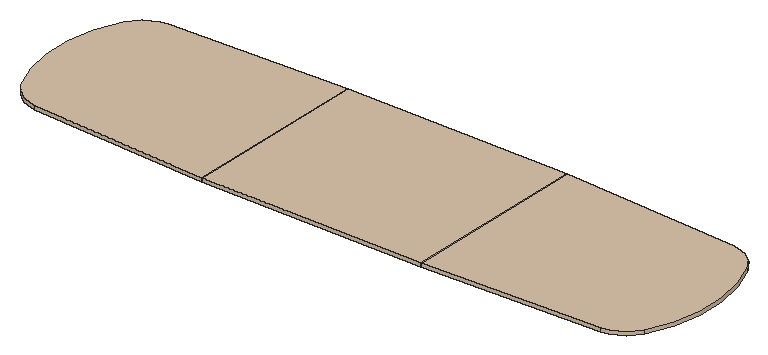
Revit family "Haworth_Planes_ColumnBaseConferenceTable_PebbleThreePiece_TopOnly", category Furniture Systems, Revit 2018 (continued)
Definition of nested family "Haworth_Planes_Worksurface_Pebble_3Piece_PART"
  Definition of nested family "Haworth_Planes_Worksurface_Pebble60_3Pieces_Part"
    Automatic sketch dimensions
      Masking region 11 sketch curve to Masking region 11 sketch curve = 84.68937"  (x2)
      plane 1 "Center F/B" to Masking region 11 sketch curve = 29.84"
      Masking region 11 sketch curve to Masking region 11 sketch curve = 14.45132"  (x2)
      Masking region 11 sketch curve to Masking region 11 sketch curve = 15.38868"  (x2)
      Masking region 11 sketch curve to Masking region 11 sketch curve = 30.77737"  (x2)
      Masking region 11 sketch curve to Masking region 11 sketch curve = 29.84"
      Masking region 11 sketch curve to Masking region 11 sketch curve = 798.24246"
      Masking region 11 sketch curve to Masking region 11 sketch curve = 1.07982"  (x4)
      Masking region 12 sketch curve to plane 3 "Center L/R" = 109.71227"
      Masking region 12 sketch curve to Masking region 12 sketch curve = 0"  (x7)
      Masking region 12 sketch curve to Masking region 12 sketch curve = 29.19227"  (x2)
      plane 1 "Center F/B" to Masking region 12 sketch curve = 881.21716"
      Masking region 12 sketch curve to plane 3 "Center L/R" = 43.34555"  (x2)
      Masking region 12 sketch curve to Masking region 12 sketch curve = 37.18"  (x3)
      Masking region 12 sketch curve to Masking region 12 sketch curve = 86.68"
      Masking region 12 sketch curve to Masking region 12 sketch curve = 86.69109"  (x2)
      plane 1 "Center F/B" to Masking region 12 sketch curve = 29.84"
      Masking region 12 sketch curve to Masking region 12 sketch curve = 14.45132"  (x2)
      Masking region 12 sketch curve to Masking region 12 sketch curve = 15.38868"  (x2)
      Masking region 12 sketch curve to Masking region 12 sketch curve = 30.77737"  (x2)
      Masking region 12 sketch curve to Masking region 12 sketch curve = 29.84"
      Masking region 12 sketch curve to Masking region 12 sketch curve = 851.37716"
      Masking region 12 sketch curve to Masking region 12 sketch curve = 1.07982"  (x4)
      Masking region 13 sketch curve to plane 3 "Center L/R" = 112.71227"
      Masking region 13 sketch curve to Masking region 13 sketch curve = 0"  (x6)
      Masking region 13 sketch curve to Masking region 13 sketch curve = 29.19227"  (x2)
      plane 1 "Center F/B" to Masking region 13 sketch curve = 935.95104"  (x2)
      Masking region 13 sketch curve to plane 3 "Center L/R" = 44.34639"  (x2)
      Masking region 13 sketch curve to Masking region 13 sketch curve = 39.18"  (x3)
      Masking region 13 sketch curve to Masking region 13 sketch curve = 88.68"
      Masking region 13 sketch curve to Masking region 13 sketch curve = 88.69277"  (x2)
      plane 1 "Center F/B" to Masking region 13 sketch curve = 29.84"
      Masking region 13 sketch curve to Masking region 13 sketch curve = 14.45132"  (x2)
      Masking region 13 sketch curve to Masking region 13 sketch curve = 15.38868"  (x2)
      Masking region 13 sketch curve to Masking region 13 sketch curve = 30.77737"  (x2)
      Masking region 13 sketch curve to Masking region 13 sketch curve = 29.84"
      Masking region 13 sketch curve to Masking region 13 sketch curve = 906.11104"
      Masking region 13 sketch curve to Masking region 13 sketch curve = 1.07982"  (x4)
      Masking region 14 sketch curve to plane 3 "Center L/R" = 115.71227"
      Masking region 14 sketch curve to Masking region 14 sketch curve = 0"  (x6)
      Masking region 14 sketch curve to Masking region 14 sketch curve = 29.19227"  (x2)
      plane 1 "Center F/B" to Masking region 14 sketch curve = 992.28412"  (x2)
      Masking region 14 sketch curve to plane 3 "Center L/R" = 45.34721"  (x2)
      Masking region 14 sketch curve to Masking region 14 sketch curve = 41.18"  (x3)
      Masking region 14 sketch curve to Masking region 14 sketch curve = 90.68"
      Masking region 14 sketch curve to Masking region 14 sketch curve = 90.69442"  (x2)
      plane 1 "Center F/B" to Masking region 14 sketch curve = 29.84"
      Masking region 14 sketch curve to Masking region 14 sketch curve = 14.45132"  (x2)
      Masking region 14 sketch curve to Masking region 14 sketch curve = 15.38868"  (x2)
      Masking region 14 sketch curve to Masking region 14 sketch curve = 30.77737"  (x2)
      Masking region 14 sketch curve to Masking region 14 sketch curve = 29.84"
      Masking region 14 sketch curve to Masking region 14 sketch curve = 962.44412"
      Masking region 14 sketch curve to Masking region 14 sketch curve = 1.07982"  (x4)
      Masking region 15 sketch curve to plane 3 "Center L/R" = 118.71227"
      Masking region 15 sketch curve to Masking region 15 sketch curve = 0"  (x6)
      Masking region 15 sketch curve to Masking region 15 sketch curve = 29.19227"  (x2)
      plane 1 "Center F/B" to Masking region 15 sketch curve = 1050.21638"  (x2)
      Masking region 15 sketch curve to plane 3 "Center L/R" = 46.34801"  (x2)
      Masking region 15 sketch curve to Masking region 15 sketch curve = 43.18"  (x3)
      Masking region 15 sketch curve to Masking region 15 sketch curve = 92.68"
      Masking region 15 sketch curve to Masking region 15 sketch curve = 92.69603"  (x2)
      plane 1 "Center F/B" to Masking region 15 sketch curve = 29.84"
      Masking region 15 sketch curve to Masking region 15 sketch curve = 14.45132"  (x2)
      Masking region 15 sketch curve to Masking region 15 sketch curve = 15.38868"  (x2)
      Masking region 15 sketch curve to Masking region 15 sketch curve = 30.77737"  (x2)
      Masking region 15 sketch curve to Masking region 15 sketch curve = 29.84"
      Masking region 15 sketch curve to Masking region 15 sketch curve = 1020.37638"
      Masking region 15 sketch curve to Masking region 15 sketch curve = 1.07982"  (x4)
  Definition of nested family "Haworth_Planes_Worksurface_Pebble48_3Pieces_Part"
    Parameters (values of type "Worksurface")
      Width = 180"
      Warranty = "https://www.haworth.com/resources/product-info/warranties"
      URL - Product = ""
      URL = "www.haworth.com"
      Thickness = 1 3/16"
      Table Finish = none
      Table Edge Finish = none
      Revision Number = ""
      Note = "Verify Final Dim. w/ Haworth"  # constant formula
      Min. Width = 186"  # constant formula
      Min. Depth = 48"  # constant formula
      Max. Width = 270"  # constant formula
      Max. Depth = 48"  # constant formula
      Manufacturer = "Haworth"  # constant formula
      Depth = 48"  # constant formula
      Cutout Width = 8"  # constant formula
      Cutout Dimension = 3"  # constant formula
      Cutout Depth = 4"  # constant formula
      Center Cutout Offset = Actual Width / 6  # 31"
      Author = "Haworth (Alias)"  # constant formula
      Assembly Code = ""
      Actual Width = if(Width < Min. Width, Min. Width, if(Width > Max. Width, Max. Width, Width))  # 186"
      Actual Height = 29"
      Actual Depth = if(Depth > Max. Depth, Max. Depth, if(Depth < Min. Depth, Min. Depth, Depth))  # 48"
      270w = and(267" < Actual Width, Actual Width < 271")  # no
      264w = and(261" < Actual Width, Actual Width < 268")  # no
      258w = and(255" < Actual Width, Actual Width < 262")  # no
      252w = and(249" < Actual Width, Actual Width < 256")  # no
      246w = and(243" < Actual Width, Actual Width < 250")  # no
      240w = and(237" < Actual Width, Actual Width < 244")  # no
      234w = and(231" < Actual Width, Actual Width < 238")  # no
      228w = and(225" < Actual Width, Actual Width < 232")  # no
      222w = and(219" < Actual Width, Actual Width < 226")  # no
      216w = and(213" < Actual Width, Actual Width < 220")  # no
      210w = and(207" < Actual Width, Actual Width < 214")  # no
      204w = and(201" < Actual Width, Actual Width < 208")  # no
      198w = and(195" < Actual Width, Actual Width < 202")  # no
      192w = and(189" < Actual Width, Actual Width < 196")  # no
      186w = and(185" < Actual Width, Actual Width < 190")  # yes
    Reference planes (in)
      plane 1 "Center F/B": y = 15
      plane 2 "Bottom": z = 0
      plane 3 "Center L/R": x = 0
      plane 4 "Table Top": z = 29
      plane 5 "Table Bottom": z = 27.8125
      plane 6 "Cutout Top": z = 30
      plane 7 "Cutout Bottom": z = 27
      plane 8 "KnifeEdge Middle": z = 28.625
    Forms (in)
      Extrusion 1, solid, material <- "Table Finish", visible <- "186w"
        sketch origin (246.26584, -94.75657, 0) x (1, 0, 0) y (0, 1, 0)
          loop
            arc (-326.67909, 88.43972) -> (-301.9265, 86.51007) -> (-277.10584, 85.91889) r 459.94167
            line (-277.10584, 85.91889) -> (-277.10584, 133.59424)
            arc (-277.10584, 133.59424) -> (-301.9265, 133.00307) -> (-326.67909, 131.07342) r 459.94167
            arc (-326.67909, 131.07342) -> (-333.096, 128.3663) -> (-336.92861, 122.55113) r 12
            arc (-336.92861, 122.55113) -> (-338.78584, 109.75657) -> (-336.92861, 96.96201) r 45
            arc (-336.92861, 96.96201) -> (-333.096, 91.14684) -> (-326.67909, 88.43972) r 12
          loop
            arc (-215.42584, 85.91889) -> (-190.60517, 86.51007) -> (-165.85258, 88.43972) r 459.94167
            arc (-165.85258, 88.43972) -> (-159.43567, 91.14684) -> (-155.60306, 96.96201) r 12
            arc (-155.60306, 96.96201) -> (-153.74584, 109.75657) -> (-155.60306, 122.55113) r 45
            arc (-155.60306, 122.55113) -> (-159.43567, 128.3663) -> (-165.85258, 131.07342) r 12
            arc (-165.85258, 131.07342) -> (-190.60517, 133.00307) -> (-215.42584, 133.59424) r 459.94167
            line (-215.42584, 133.59424) -> (-215.42584, 85.91889)
        from 27.8125 to 29
      Extrusion 2, solid, material <- "Table Finish", visible <- "192w"
        sketch origin (245.89713, -150.09955, 0) x (1, 0, 0) y (0, 1, 0)
          loop
            arc (-277.73713, 188.93741) -> (-303.53038, 188.34609) -> (-329.25861, 186.42256) r 499.05822
            arc (-329.25861, 186.42256) -> (-335.70698, 183.72678) -> (-339.55957, 177.89527) r 12
            arc (-339.55957, 177.89527) -> (-341.41713, 165.09955) -> (-339.55957, 152.30384) r 45
            arc (-339.55957, 152.30384) -> (-335.70698, 146.47233) -> (-329.25861, 143.77655) r 12
            arc (-329.25861, 143.77655) -> (-303.53038, 141.85302) -> (-277.73713, 141.2617) r 499.05822
            line (-277.73713, 141.2617) -> (-277.73713, 188.93741)
          loop
            arc (-214.05713, 141.2617) -> (-188.26388, 141.85302) -> (-162.53566, 143.77655) r 499.05822
            arc (-162.53566, 143.77655) -> (-156.08728, 146.47233) -> (-152.2347, 152.30384) r 12
            arc (-152.2347, 152.30384) -> (-150.37713, 165.09955) -> (-152.2347, 177.89527) r 45
            arc (-152.2347, 177.89527) -> (-156.08728, 183.72678) -> (-162.53566, 186.42256) r 12
            arc (-162.53566, 186.42256) -> (-188.26388, 188.34609) -> (-214.05713, 188.93741) r 499.05822
            line (-214.05713, 188.93741) -> (-214.05713, 141.2617)
        from 27.8125 to 29
      Extrusion 3, solid, material <- "Table Finish", visible <- "198w"
        sketch origin (245.89713, -203.15312, 0) x (1, 0, 0) y (0, 1, 0)
          loop
            line (-278.73713, 194.31509) -> (-278.73713, 241.99114)
            arc (-278.73713, 241.99114) -> (-305.50522, 241.39959) -> (-332.21104, 239.48139) r 539.77619
            arc (-332.21104, 239.48139) -> (-338.68837, 236.79616) -> (-342.55933, 230.94963) r 12
            arc (-342.55933, 230.94963) -> (-344.41713, 218.15312) -> (-342.55933, 205.3566) r 45
            arc (-342.55933, 205.3566) -> (-338.68837, 199.51008) -> (-332.21104, 196.82484) r 12
            arc (-332.21104, 196.82484) -> (-305.50522, 194.90665) -> (-278.73713, 194.31509) r 539.77619
          loop
            arc (-213.05713, 194.31509) -> (-186.28905, 194.90665) -> (-159.58322, 196.82484) r 539.77619
            arc (-159.58322, 196.82484) -> (-153.1059, 199.51008) -> (-149.23494, 205.3566) r 12
            arc (-149.23494, 205.3566) -> (-147.37713, 218.15312) -> (-149.23494, 230.94963) r 45
            arc (-149.23494, 230.94963) -> (-153.1059, 236.79616) -> (-159.58322, 239.48139) r 12
            arc (-159.58322, 239.48139) -> (-186.28905, 241.39959) -> (-213.05713, 241.99114) r 539.77619
            line (-213.05713, 241.99114) -> (-213.05713, 194.31509)
        from 27.8125 to 29
      Extrusion 4, solid, material <- "Table Finish", visible <- "204w"
        sketch origin (245.89713, -254.92312, 0) x (1, 0, 0) y (0, 1, 0)
          loop
            arc (-212.05713, 246.08496) -> (-184.31223, 246.6768) -> (-156.62706, 248.59033) r 582.09556
            arc (-156.62706, 248.59033) -> (-150.12302, 251.26571) -> (-146.23509, 257.12611) r 12
            arc (-146.23509, 257.12611) -> (-144.37713, 269.92312) -> (-146.23509, 282.72014) r 45
            arc (-146.23509, 282.72014) -> (-150.12302, 288.58053) -> (-156.62706, 291.25592) r 12
            arc (-156.62706, 291.25592) -> (-184.31223, 293.16944) -> (-212.05713, 293.76129) r 582.09556
            line (-212.05713, 293.76129) -> (-212.05713, 246.08496)
          loop
            line (-279.73713, 246.08496) -> (-279.73713, 293.76129)
            arc (-279.73713, 293.76129) -> (-307.48204, 293.16944) -> (-335.1672, 291.25592) r 582.09556
            arc (-335.1672, 291.25592) -> (-341.67125, 288.58053) -> (-345.55918, 282.72014) r 12
            arc (-345.55918, 282.72014) -> (-347.41713, 269.92312) -> (-345.55918, 257.12611) r 45
            arc (-345.55918, 257.12611) -> (-341.67125, 251.26571) -> (-335.1672, 248.59033) r 12
            arc (-335.1672, 248.59033) -> (-307.48204, 246.6768) -> (-279.73713, 246.08496) r 582.09556
        from 27.8125 to 29
      Extrusion 5, solid, material <- "Table Finish", visible <- "210w"
        sketch origin (245.87065, -306, 0) x (1, 0, 0) y (0, 1, 0)
          loop
            arc (-211.03065, 297.05204) -> (-182.30718, 297.64422) -> (-153.64113, 299.55364) r 626.01635
            arc (-153.64113, 299.55364) -> (-147.11234, 302.21981) -> (-143.20868, 308.09305) r 12
            arc (-143.20868, 308.09305) -> (-141.35065, 320.89033) -> (-143.20868, 333.68762) r 45
            arc (-143.20868, 333.68762) -> (-147.11234, 339.56085) -> (-153.64113, 342.22702) r 12
            arc (-153.64113, 342.22702) -> (-182.30718, 344.13644) -> (-211.03065, 344.72863) r 626.01635
            line (-211.03065, 344.72863) -> (-211.03065, 297.05204)
          loop
            line (-280.71065, 297.05204) -> (-280.71065, 344.72863)
            arc (-280.71065, 344.72863) -> (-309.43412, 344.13644) -> (-338.10017, 342.22702) r 626.01635
            arc (-338.10017, 342.22702) -> (-344.62895, 339.56085) -> (-348.53262, 333.68762) r 12
            arc (-348.53262, 333.68762) -> (-350.39065, 320.89033) -> (-348.53262, 308.09305) r 45
            arc (-348.53262, 308.09305) -> (-344.62895, 302.21981) -> (-338.10017, 299.55364) r 12
            arc (-338.10017, 299.55364) -> (-309.43412, 297.64422) -> (-280.71065, 297.05204) r 626.01635
        from 27.8125 to 29
      Extrusion 6, solid, material <- "Table Finish", visible <- "216w"
        sketch origin (246.29755, -358.08819, 0) x (1, 0, 0) y (0, 1, 0)
          loop
            line (-282.13755, 349.24978) -> (-282.13755, 396.9266)
            arc (-282.13755, 396.9266) -> (-311.84115, 396.33403) -> (-341.48946, 394.42825) r 671.53854
            arc (-341.48946, 394.42825) -> (-348.04122, 391.77072) -> (-351.9595, 385.88555) r 12
            arc (-351.9595, 385.88555) -> (-353.81755, 373.08819) -> (-351.9595, 360.29083) r 45
            arc (-351.9595, 360.29083) -> (-348.04122, 354.40566) -> (-341.48946, 351.74813) r 12
            arc (-341.48946, 351.74813) -> (-311.84115, 349.84235) -> (-282.13755, 349.24978) r 671.53854
          loop
            arc (-210.45755, 349.24978) -> (-180.75396, 349.84235) -> (-151.10565, 351.74813) r 671.53854
            arc (-151.10565, 351.74813) -> (-144.55389, 354.40566) -> (-140.63561, 360.29083) r 12
            arc (-140.63561, 360.29083) -> (-138.77755, 373.08819) -> (-140.63561, 385.88555) r 45
            arc (-140.63561, 385.88555) -> (-144.55389, 391.77072) -> (-151.10565, 394.42825) r 12
            arc (-151.10565, 394.42825) -> (-180.75396, 396.33403) -> (-210.45755, 396.9266) r 671.53854
            line (-210.45755, 396.9266) -> (-210.45755, 349.24978)
        from 27.8125 to 29
      Extrusion 7, solid, material <- "Table Finish", visible <- "222w"
        sketch origin (245.44136, -409.00645, 0) x (1, 0, 0) y (0, 1, 0)
          loop
            arc (-208.60136, 400.16793) -> (-177.91626, 400.7609) -> (-147.28445, 402.66346) r 718.66215
            arc (-147.28445, 402.66346) -> (-140.71129, 405.31288) -> (-136.77939, 411.20916) r 12
            arc (-136.77939, 411.20916) -> (-134.92136, 424.00645) -> (-136.77939, 436.80374) r 45
            arc (-136.77939, 436.80374) -> (-140.71129, 442.70001) -> (-147.28445, 445.34943) r 12
            arc (-147.28445, 445.34943) -> (-177.91626, 447.25199) -> (-208.60136, 447.84496) r 718.66215
            line (-208.60136, 447.84496) -> (-208.60136, 400.16793)
          loop
            line (-282.28136, 400.16793) -> (-282.28136, 447.84496)
            arc (-282.28136, 447.84496) -> (-312.96646, 447.25199) -> (-343.59827, 445.34943) r 718.66215
            arc (-343.59827, 445.34943) -> (-350.17143, 442.70001) -> (-354.10333, 436.80374) r 12
            arc (-354.10333, 436.80374) -> (-355.96136, 424.00645) -> (-354.10333, 411.20916) r 45
            arc (-354.10333, 411.20916) -> (-350.17143, 405.31288) -> (-343.59827, 402.66346) r 12
            arc (-343.59827, 402.66346) -> (-312.96646, 400.7609) -> (-282.28136, 400.16793) r 718.66215
        from 27.8125 to 29
      Extrusion 8, solid, material <- "Table Finish", visible <- "228w"
        sketch origin (245.81191, -460.95037, 0) x (1, 0, 0) y (0, 1, 0)
          loop
            line (-283.65191, 452.11176) -> (-283.65191, 499.78898)
            arc (-283.65191, 499.78898) -> (-315.31977, 499.19558) -> (-346.93617, 497.2959) r 767.38717
            arc (-346.93617, 497.2959) -> (-353.52932, 494.65411) -> (-357.47394, 488.74746) r 12
            arc (-357.47394, 488.74746) -> (-359.33191, 475.95037) -> (-357.47394, 463.15328) r 45
            arc (-357.47394, 463.15328) -> (-353.52932, 457.24663) -> (-346.93617, 454.60484) r 12
            arc (-346.93617, 454.60484) -> (-315.31977, 452.70516) -> (-283.65191, 452.11176) r 767.38717
          loop
            arc (-207.97191, 452.11176) -> (-176.30405, 452.70516) -> (-144.68765, 454.60484) r 767.38717
            arc (-144.68765, 454.60484) -> (-138.09451, 457.24663) -> (-134.14989, 463.15328) r 12
            arc (-134.14989, 463.15328) -> (-132.29191, 475.95037) -> (-134.14989, 488.74746) r 45
            arc (-134.14989, 488.74746) -> (-138.09451, 494.65411) -> (-144.68765, 497.2959) r 12
            arc (-144.68765, 497.2959) -> (-176.30405, 499.19558) -> (-207.97191, 499.78898) r 767.38717
            line (-207.97191, 499.78898) -> (-207.97191, 452.11176)
        from 27.8125 to 29
      Extrusion 9, solid, material <- "Table Finish", visible <- "234w"
        sketch origin (245.81191, -514.33881, 0) x (1, 0, 0) y (0, 1, 0)
          loop
            arc (-206.97191, 505.50011) -> (-174.32017, 506.09395) -> (-141.71818, 507.99107) r 817.7136
            arc (-141.71818, 507.99107) -> (-135.10634, 510.62565) -> (-131.1498, 516.54201) r 12
            arc (-131.1498, 516.54201) -> (-129.29191, 529.33881) -> (-131.1498, 542.13561) r 45
            arc (-131.1498, 542.13561) -> (-135.10634, 548.05197) -> (-141.71818, 550.68656) r 12
            arc (-141.71818, 550.68656) -> (-174.32017, 552.58367) -> (-206.97191, 553.17751) r 817.7136
            line (-206.97191, 553.17751) -> (-206.97191, 505.50011)
          loop
            line (-284.65191, 505.50011) -> (-284.65191, 553.17751)
            arc (-284.65191, 553.17751) -> (-317.30366, 552.58367) -> (-349.90565, 550.68656) r 817.7136
            arc (-349.90565, 550.68656) -> (-356.51749, 548.05197) -> (-360.47403, 542.13561) r 12
            arc (-360.47403, 542.13561) -> (-362.33191, 529.33881) -> (-360.47403, 516.54201) r 45
            arc (-360.47403, 516.54201) -> (-356.51749, 510.62565) -> (-349.90565, 507.99107) r 12
            arc (-349.90565, 507.99107) -> (-317.30366, 506.09395) -> (-284.65191, 505.50011) r 817.7136
        from 27.8125 to 29
      Extrusion 10, solid, material <- "Table Finish", visible <- "240w"
        sketch origin (246, -565.90155, 0) x (1, 0, 0) y (0, 1, 0)
          loop
            line (-285.70994, 557.06277) -> (-285.70994, 604.74032)
            arc (-285.70994, 604.74032) -> (-319.34658, 604.14604) -> (-352.93507, 602.25123) r 869.64144
            arc (-352.93507, 602.25123) -> (-359.56445, 599.62344) -> (-363.53217, 593.69797) r 12
            arc (-363.53217, 593.69797) -> (-365.38994, 580.90155) -> (-363.53217, 568.10513) r 45
            arc (-363.53217, 568.10513) -> (-359.56445, 562.17965) -> (-352.93507, 559.55187) r 12
            arc (-352.93507, 559.55187) -> (-319.34658, 557.65705) -> (-285.70994, 557.06277) r 869.64144
          loop
            arc (-206.02994, 557.06277) -> (-172.39331, 557.65705) -> (-138.80482, 559.55187) r 869.64144
            arc (-138.80482, 559.55187) -> (-132.17544, 562.17965) -> (-128.20772, 568.10513) r 12
            arc (-128.20772, 568.10513) -> (-126.34994, 580.90155) -> (-128.20772, 593.69797) r 45
            arc (-128.20772, 593.69797) -> (-132.17544, 599.62344) -> (-138.80482, 602.25123) r 12
            arc (-138.80482, 602.25123) -> (-172.39331, 604.14604) -> (-206.02994, 604.74032) r 869.64144
            line (-206.02994, 604.74032) -> (-206.02994, 557.06277)
        from 27.8125 to 29
      Extrusion 11, solid, material <- "Table Finish", visible <- "246w"
        sketch origin (245.51366, -616.21148, 0) x (1, 0, 0) y (0, 1, 0)
          loop
            arc (-204.67366, 607.37263) -> (-170.05121, 607.96736) -> (-135.47541, 609.86011) r 923.17069
            arc (-135.47541, 609.86011) -> (-128.82954, 612.48146) -> (-124.85131, 618.4155) r 12
            arc (-124.85131, 618.4155) -> (-122.99366, 631.21148) -> (-124.85131, 644.00746) r 45
            arc (-124.85131, 644.00746) -> (-128.82954, 649.94149) -> (-135.47541, 652.56285) r 12
            arc (-135.47541, 652.56285) -> (-170.05121, 654.4556) -> (-204.67366, 655.05033) r 923.17069
            line (-204.67366, 655.05033) -> (-204.67366, 607.37263)
          loop
            line (-286.35366, 607.37263) -> (-286.35366, 655.05033)
            arc (-286.35366, 655.05033) -> (-320.97612, 654.4556) -> (-355.55192, 652.56285) r 923.17069
            arc (-355.55192, 652.56285) -> (-362.19779, 649.94149) -> (-366.17602, 644.00746) r 12
            arc (-366.17602, 644.00746) -> (-368.03366, 631.21148) -> (-366.17602, 618.4155) r 45
            arc (-366.17602, 618.4155) -> (-362.19779, 612.48146) -> (-355.55192, 609.86011) r 12
            arc (-355.55192, 609.86011) -> (-320.97612, 607.96736) -> (-286.35366, 607.37263) r 923.17069
        from 27.8125 to 29
      Extrusion 12, solid, material <- "Table Finish", visible <- "252w"
        sketch origin (245.59049, -665.89644, 0) x (1, 0, 0) y (0, 1, 0)
          loop
            line (-287.43049, 657.05752) -> (-287.43049, 704.73535)
            arc (-287.43049, 704.73535) -> (-323.0396, 704.14017) -> (-358.60346, 702.24929) r 978.30135
            arc (-358.60346, 702.24929) -> (-365.26486, 699.63403) -> (-369.25299, 693.69193) r 12
            arc (-369.25299, 693.69193) -> (-371.11049, 680.89644) -> (-369.25299, 668.10095) r 45
            arc (-369.25299, 668.10095) -> (-365.26486, 662.15885) -> (-358.60346, 659.54359) r 12
            arc (-358.60346, 659.54359) -> (-323.0396, 657.6527) -> (-287.43049, 657.05752) r 978.30135
          loop
            arc (-203.75049, 657.05752) -> (-168.14138, 657.6527) -> (-132.57752, 659.54359) r 978.30135
            arc (-132.57752, 659.54359) -> (-125.91612, 662.15885) -> (-121.92799, 668.10095) r 12
            arc (-121.92799, 668.10095) -> (-120.07049, 680.89644) -> (-121.92799, 693.69193) r 45
            arc (-121.92799, 693.69193) -> (-125.91612, 699.63403) -> (-132.57752, 702.24929) r 12
            arc (-132.57752, 702.24929) -> (-168.14138, 704.14017) -> (-203.75049, 704.73535) r 978.30135
            line (-203.75049, 704.73535) -> (-203.75049, 657.05752)
        from 27.8125 to 29
      Extrusion 13, solid, material <- "Table Finish", visible <- "258w"
        sketch origin (245.82512, -715.85657, 0) x (1, 0, 0) y (0, 1, 0)
          loop
            arc (-202.98512, 707.01759) -> (-166.38858, 707.61322) -> (-129.83598, 709.50242) r 1035.03342
            arc (-129.83598, 709.50242) -> (-123.15994, 712.11189) -> (-119.16246, 718.06161) r 12
            arc (-119.16246, 718.06161) -> (-117.30512, 730.85657) -> (-119.16246, 743.65152) r 45
            arc (-119.16246, 743.65152) -> (-123.15994, 749.60124) -> (-129.83598, 752.21072) r 12
            arc (-129.83598, 752.21072) -> (-166.38858, 754.09991) -> (-202.98512, 754.69554) r 1035.03342
            line (-202.98512, 754.69554) -> (-202.98512, 707.01759)
          loop
            line (-288.66512, 707.01759) -> (-288.66512, 754.69554)
            arc (-288.66512, 754.69554) -> (-325.26165, 754.09991) -> (-361.81425, 752.21072) r 1035.03342
            arc (-361.81425, 752.21072) -> (-368.4903, 749.60124) -> (-372.48778, 743.65152) r 12
            arc (-372.48778, 743.65152) -> (-374.34512, 730.85657) -> (-372.48778, 718.06161) r 45
            arc (-372.48778, 718.06161) -> (-368.4903, 712.11189) -> (-361.81425, 709.50242) r 12
            arc (-361.81425, 709.50242) -> (-325.26165, 707.61322) -> (-288.66512, 707.01759) r 1035.03342
        from 27.8125 to 29
      Extrusion 14, solid, material <- "Table Finish", visible <- "264w"
        sketch origin (246.09494, -766.82462, 0) x (1, 0, 0) y (0, 1, 0)
          loop
            line (-289.93494, 757.98559) -> (-289.93494, 805.66365)
            arc (-289.93494, 805.66365) -> (-327.5196, 805.06758) -> (-365.06156, 803.17991) r 1093.36691
            arc (-365.06156, 803.17991) -> (-371.75145, 800.57593) -> (-375.75776, 794.61902) r 12
            arc (-375.75776, 794.61902) -> (-377.61494, 781.82462) -> (-375.75776, 769.03023) r 45
            arc (-375.75776, 769.03023) -> (-371.75145, 763.07332) -> (-365.06156, 760.46934) r 12
            arc (-365.06156, 760.46934) -> (-327.5196, 758.58166) -> (-289.93494, 757.98559) r 1093.36691
          loop
            arc (-202.25494, 757.98559) -> (-164.67028, 758.58166) -> (-127.12832, 760.46934) r 1093.36691
            arc (-127.12832, 760.46934) -> (-120.43843, 763.07332) -> (-116.43211, 769.03023) r 12
            arc (-116.43211, 769.03023) -> (-114.57494, 781.82462) -> (-116.43211, 794.61902) r 45
            arc (-116.43211, 794.61902) -> (-120.43843, 800.57593) -> (-127.12832, 803.17991) r 12
            arc (-127.12832, 803.17991) -> (-164.67028, 805.06758) -> (-202.25494, 805.66365) r 1093.36691
            line (-202.25494, 805.66365) -> (-202.25494, 757.98559)
        from 27.8125 to 29
      Extrusion 15, solid, material <- "Table Finish", visible <- "270w"
        sketch origin (247.23913, -818.23831, 0) x (1, 0, 0) y (0, 1, 0)
          loop
            line (-292.07913, 809.39923) -> (-292.07913, 857.0774)
            arc (-292.07913, 857.0774) -> (-330.65255, 856.48088) -> (-369.18445, 854.5946) r 1153.3018
            arc (-369.18445, 854.5946) -> (-375.88744, 851.99584) -> (-379.90213, 846.03212) r 12
            arc (-379.90213, 846.03212) -> (-381.75913, 833.23831) -> (-379.90213, 820.44451) r 45
            arc (-379.90213, 820.44451) -> (-375.88744, 814.48079) -> (-369.18445, 811.88203) r 12
            arc (-369.18445, 811.88203) -> (-330.65255, 809.99575) -> (-292.07913, 809.39923) r 1153.3018
          loop
            arc (-202.39913, 809.39923) -> (-163.8257, 809.99575) -> (-125.29381, 811.88203) r 1153.3018
            arc (-125.29381, 811.88203) -> (-118.59081, 814.48079) -> (-114.57613, 820.44451) r 12
            arc (-114.57613, 820.44451) -> (-112.71913, 833.23831) -> (-114.57613, 846.03212) r 45
            arc (-114.57613, 846.03212) -> (-118.59081, 851.99584) -> (-125.29381, 854.5946) r 12
            arc (-125.29381, 854.5946) -> (-163.8257, 856.48088) -> (-202.39913, 857.0774) r 1153.3018
            line (-202.39913, 857.0774) -> (-202.39913, 809.39923)
        from 27.8125 to 29
      Extrusion 16, solid, material <- "Table Finish", visible <- "186w"
        sketch origin (246.26584, -94.75657, 0) x (1, 0, 0) y (0, 1, 0)
          loop
            line (-277.10584, 133.59424) -> (-277.10584, 85.91889) -> (-215.42584, 85.91889) -> (-215.42584, 133.59424) -> (-277.10584, 133.59424)
        from 27.8125 to 29
      Extrusion 17, solid, material <- "Table Finish", visible <- "192w"
        sketch origin (245.89713, -150.09955, 0) x (1, 0, 0) y (0, 1, 0)
          loop
            line (-277.73713, 188.93741) -> (-277.73713, 141.2617) -> (-214.05713, 141.2617) -> (-214.05713, 188.93741) -> (-277.73713, 188.93741)
        from 27.8125 to 29
      Extrusion 18, solid, material <- "Table Finish", visible <- "198w"
        sketch origin (245.89713, -203.15312, 0) x (1, 0, 0) y (0, 1, 0)
          loop
            line (-278.73713, 241.99114) -> (-278.73713, 194.31509) -> (-213.05713, 194.31509) -> (-213.05713, 241.99114) -> (-278.73713, 241.99114)
        from 27.8125 to 29
      Extrusion 19, solid, material <- "Table Finish", visible <- "204w"
        sketch origin (245.89713, -254.92312, 0) x (1, 0, 0) y (0, 1, 0)
          loop
            line (-279.73713, 293.76129) -> (-279.73713, 246.08496) -> (-212.05713, 246.08496) -> (-212.05713, 293.76129) -> (-279.73713, 293.76129)
        from 27.8125 to 29
      Extrusion 20, solid, material <- "Table Finish", visible <- "210w"
        sketch origin (245.87065, -306, 0) x (1, 0, 0) y (0, 1, 0)
          loop
            line (-280.71065, 344.72863) -> (-280.71065, 297.05204) -> (-211.03065, 297.05204) -> (-211.03065, 344.72863) -> (-280.71065, 344.72863)
        from 27.8125 to 29
      Extrusion 21, solid, material <- "Table Finish", visible <- "216w"
        sketch origin (246.29755, -358.08819, 0) x (1, 0, 0) y (0, 1, 0)
          loop
            line (-282.13755, 396.9266) -> (-282.13755, 349.24978) -> (-210.45755, 349.24978) -> (-210.45755, 396.9266) -> (-282.13755, 396.9266)
        from 27.8125 to 29
      Extrusion 22, solid, material <- "Table Finish", visible <- "222w"
        sketch origin (245.44136, -409.00645, 0) x (1, 0, 0) y (0, 1, 0)
          loop
            line (-282.28136, 447.84496) -> (-282.28136, 400.16793) -> (-208.60136, 400.16793) -> (-208.60136, 447.84496) -> (-282.28136, 447.84496)
        from 27.8125 to 29
      Extrusion 23, solid, material <- "Table Finish", visible <- "228w"
        sketch origin (245.81191, -460.95037, 0) x (1, 0, 0) y (0, 1, 0)
          loop
            line (-283.65191, 499.78898) -> (-283.65191, 452.11176) -> (-207.97191, 452.11176) -> (-207.97191, 499.78898) -> (-283.65191, 499.78898)
        from 27.8125 to 29
      Extrusion 24, solid, material <- "Table Finish", visible <- "234w"
        sketch origin (245.81191, -514.33881, 0) x (1, 0, 0) y (0, 1, 0)
          loop
            line (-284.65191, 553.17751) -> (-284.65191, 505.50011) -> (-206.97191, 505.50011) -> (-206.97191, 553.17751) -> (-284.65191, 553.17751)
        from 27.8125 to 29
      Extrusion 25, solid, material <- "Table Finish", visible <- "240w"
        sketch origin (246, -565.90155, 0) x (1, 0, 0) y (0, 1, 0)
          loop
            line (-285.70994, 604.74032) -> (-285.70994, 557.06277) -> (-206.02994, 557.06277) -> (-206.02994, 604.74032) -> (-285.70994, 604.74032)
        from 27.8125 to 29
      Extrusion 26, solid, material <- "Table Finish", visible <- "252w"
        sketch origin (245.59049, -665.89644, 0) x (1, 0, 0) y (0, 1, 0)
          loop
            line (-287.43049, 704.73535) -> (-287.43049, 657.05752) -> (-203.75049, 657.05752) -> (-203.75049, 704.73535) -> (-287.43049, 704.73535)
        from 27.8125 to 29
      Extrusion 27, solid, material <- "Table Finish", visible <- "246w"
        sketch origin (245.51366, -616.21148, 0) x (1, 0, 0) y (0, 1, 0)
          loop
            line (-286.35366, 655.05033) -> (-286.35366, 607.37263) -> (-204.67366, 607.37263) -> (-204.67366, 655.05033) -> (-286.35366, 655.05033)
        from 27.8125 to 29
      Extrusion 28, solid, material <- "Table Finish", visible <- "258w"
        sketch origin (245.82512, -715.85657, 0) x (1, 0, 0) y (0, 1, 0)
          loop
            line (-288.66512, 754.69554) -> (-288.66512, 707.01759) -> (-202.98512, 707.01759) -> (-202.98512, 754.69554) -> (-288.66512, 754.69554)
        from 27.8125 to 29
      Extrusion 29, solid, material <- "Table Finish", visible <- "264w"
        sketch origin (246.09494, -766.82462, 0) x (1, 0, 0) y (0, 1, 0)
          loop
            line (-289.93494, 805.66365) -> (-289.93494, 757.98559) -> (-202.25494, 757.98559) -> (-202.25494, 805.66365) -> (-289.93494, 805.66365)
        from 27.8125 to 29
      Extrusion 30, solid, material <- "Table Finish", visible <- "270w"
        sketch origin (247.23913, -818.23831, 0) x (1, 0, 0) y (0, 1, 0)
          loop
            line (-292.07913, 857.0774) -> (-292.07913, 809.39923) -> (-202.39913, 809.39923) -> (-202.39913, 857.0774) -> (-292.07913, 857.0774)
        from 27.8125 to 29
    Lines and regions (in)
      Masking region 1, visible <- "186w"
        outline origin (246.26584, -94.75657, 0) x (1, 0, 0) y (0, 1, 0)
          loop
            arc (-278.60584, 133.59657) -> (-302.56472, 132.97017) -> (-326.45845, 131.09657) r 459.94167
            arc (-326.45845, 131.09657) -> (-333.00978, 128.43887) -> (-336.92778, 122.55393) r 12
            arc (-336.92778, 122.55393) -> (-338.78584, 109.75657) -> (-336.92778, 96.9592) r 45
            arc (-336.92778, 96.9592) -> (-333.00978, 91.07427) -> (-326.45845, 88.41657) r 12
            arc (-326.45845, 88.41657) -> (-302.56472, 86.54297) -> (-278.60584, 85.91657) r 459.94167
            line (-278.60584, 85.91657) -> (-213.92584, 85.91657)
            arc (-213.92584, 85.91657) -> (-189.96695, 86.54297) -> (-166.07322, 88.41657) r 459.94167
            arc (-166.07322, 88.41657) -> (-159.52189, 91.07427) -> (-155.60389, 96.9592) r 12
            arc (-155.60389, 96.9592) -> (-153.74584, 109.75657) -> (-155.60389, 122.55393) r 45
            arc (-155.60389, 122.55393) -> (-159.52189, 128.43887) -> (-166.07322, 131.09657) r 12
            arc (-166.07322, 131.09657) -> (-189.96695, 132.97017) -> (-213.92583, 133.59657) r 459.94167
            line (-213.92583, 133.59657) -> (-278.60584, 133.59657)
      Masking region 2, visible <- "192w"
        outline origin (245.89713, -150.09955, 0) x (1, 0, 0) y (0, 1, 0)
          loop
            arc (-339.55908, 177.89692) -> (-341.41713, 165.09955) -> (-339.55908, 152.30219) r 45
            arc (-339.55908, 152.30219) -> (-335.64108, 146.41725) -> (-329.08975, 143.75955) r 12
            arc (-329.08975, 143.75955) -> (-304.19472, 141.88589) -> (-279.23713, 141.25955) r 499.05822
            line (-279.23713, 141.25955) -> (-212.55713, 141.25955)
            arc (-212.55713, 141.25955) -> (-187.59955, 141.88589) -> (-162.70452, 143.75955) r 499.05822
            arc (-162.70452, 143.75955) -> (-156.15319, 146.41725) -> (-152.23519, 152.30219) r 12
            arc (-152.23519, 152.30219) -> (-150.37713, 165.09955) -> (-152.23519, 177.89692) r 45
            arc (-152.23519, 177.89692) -> (-156.15319, 183.78186) -> (-162.70452, 186.43955) r 12
            arc (-162.70452, 186.43955) -> (-187.59955, 188.31322) -> (-212.55713, 188.93955) r 499.05822
            line (-212.55713, 188.93955) -> (-279.23714, 188.93955)
            arc (-279.23714, 188.93955) -> (-304.19472, 188.31322) -> (-329.08975, 186.43955) r 499.05822
            arc (-329.08975, 186.43955) -> (-335.64108, 183.78186) -> (-339.55908, 177.89692) r 12
      Masking region 3, visible <- "198w"
        outline origin (245.89713, -203.15312, 0) x (1, 0, 0) y (0, 1, 0)
          loop
            arc (-342.55908, 230.95048) -> (-344.41713, 218.15312) -> (-342.55908, 205.35575) r 45
            arc (-342.55908, 205.35575) -> (-338.64108, 199.47081) -> (-332.08975, 196.81312) r 12
            arc (-332.08975, 196.81312) -> (-306.19351, 194.93939) -> (-280.23713, 194.31312) r 539.77619
            line (-280.23713, 194.31312) -> (-211.55713, 194.31312)
            arc (-211.55713, 194.31312) -> (-185.60076, 194.93939) -> (-159.70452, 196.81312) r 539.77619
            arc (-159.70452, 196.81312) -> (-153.15319, 199.47081) -> (-149.23519, 205.35575) r 12
            arc (-149.23519, 205.35575) -> (-147.37713, 218.15312) -> (-149.23519, 230.95048) r 45
            arc (-149.23519, 230.95048) -> (-153.15319, 236.83542) -> (-159.70452, 239.49312) r 12
            arc (-159.70452, 239.49312) -> (-185.60076, 241.36684) -> (-211.55713, 241.99312) r 539.77619
            line (-211.55713, 241.99312) -> (-280.23714, 241.99312)
            arc (-280.23714, 241.99312) -> (-306.19351, 241.36684) -> (-332.08975, 239.49312) r 539.77619
            arc (-332.08975, 239.49312) -> (-338.64108, 236.83542) -> (-342.55908, 230.95048) r 12
      Masking region 4, visible <- "204w"
        outline origin (245.89713, -254.92312, 0) x (1, 0, 0) y (0, 1, 0)
          loop
            arc (-345.55908, 282.72049) -> (-347.41713, 269.92312) -> (-345.55908, 257.12576) r 45
            arc (-345.55908, 257.12576) -> (-341.64108, 251.24082) -> (-335.08975, 248.58312) r 12
            arc (-335.08975, 248.58312) -> (-308.1924, 246.70935) -> (-281.23713, 246.08312) r 582.09556
            line (-281.23713, 246.08312) -> (-210.55713, 246.08312)
            arc (-210.55713, 246.08312) -> (-183.60187, 246.70935) -> (-156.70452, 248.58312) r 582.09556
            arc (-156.70452, 248.58312) -> (-150.15319, 251.24082) -> (-146.23519, 257.12576) r 12
            arc (-146.23519, 257.12576) -> (-144.37713, 269.92312) -> (-146.23519, 282.72049) r 45
            arc (-146.23519, 282.72049) -> (-150.15319, 288.60543) -> (-156.70452, 291.26312) r 12
            arc (-156.70452, 291.26312) -> (-183.60187, 293.1369) -> (-210.55713, 293.76312) r 582.09556
            line (-210.55713, 293.76312) -> (-281.23714, 293.76312)
            arc (-281.23714, 293.76312) -> (-308.1924, 293.1369) -> (-335.08975, 291.26312) r 582.09556
            arc (-335.08975, 291.26312) -> (-341.64108, 288.60543) -> (-345.55908, 282.72049) r 12
      Masking region 5, visible <- "210w"
        outline origin (245.87065, -306, 0) x (1, 0, 0) y (0, 1, 0)
          loop
            arc (-348.53259, 333.6877) -> (-350.39065, 320.89033) -> (-348.53259, 308.09297) r 45
            arc (-348.53259, 308.09297) -> (-344.61459, 302.20803) -> (-338.06326, 299.55033) r 12
            arc (-338.06326, 299.55033) -> (-310.16488, 297.67651) -> (-282.21065, 297.05033) r 626.01635
            line (-282.21065, 297.05033) -> (-209.53065, 297.05033)
            arc (-209.53065, 297.05033) -> (-181.57642, 297.67651) -> (-153.67803, 299.55033) r 626.01635
            arc (-153.67803, 299.55033) -> (-147.12671, 302.20803) -> (-143.2087, 308.09297) r 12
            arc (-143.2087, 308.09297) -> (-141.35065, 320.89033) -> (-143.2087, 333.6877) r 45
            arc (-143.2087, 333.6877) -> (-147.12671, 339.57263) -> (-153.67803, 342.23033) r 12
            arc (-153.67803, 342.23033) -> (-181.57642, 344.10416) -> (-209.53065, 344.73033) r 626.01635
            line (-209.53065, 344.73033) -> (-282.21065, 344.73033)
            arc (-282.21065, 344.73033) -> (-310.16488, 344.10416) -> (-338.06326, 342.23033) r 626.01635
            arc (-338.06326, 342.23033) -> (-344.61459, 339.57263) -> (-348.53259, 333.6877) r 12
      Masking region 6, visible <- "216w"
        outline origin (246.29755, -358.08819, 0) x (1, 0, 0) y (0, 1, 0)
          loop
            arc (-351.9595, 385.88555) -> (-353.81755, 373.08819) -> (-351.9595, 360.29083) r 45
            arc (-351.9595, 360.29083) -> (-348.04122, 354.40566) -> (-341.48946, 351.74813) r 12
            arc (-341.48946, 351.74813) -> (-312.59046, 349.87431) -> (-283.63755, 349.24819) r 671.53854
            line (-283.63755, 349.24819) -> (-208.95755, 349.24819)
            arc (-208.95755, 349.24819) -> (-180.00464, 349.87431) -> (-151.10565, 351.74813) r 671.53854
            arc (-151.10565, 351.74813) -> (-144.55389, 354.40566) -> (-140.63561, 360.29083) r 12
            arc (-140.63561, 360.29083) -> (-138.77755, 373.08819) -> (-140.63561, 385.88555) r 45
            arc (-140.63561, 385.88555) -> (-144.55389, 391.77072) -> (-151.10565, 394.42825) r 12
            arc (-151.10565, 394.42825) -> (-180.00464, 396.30207) -> (-208.95755, 396.92819) r 671.53854
            line (-208.95755, 396.92819) -> (-283.63756, 396.92819)
            arc (-283.63756, 396.92819) -> (-312.59047, 396.30207) -> (-341.48946, 394.42825) r 671.53854
            arc (-341.48946, 394.42825) -> (-348.04122, 391.77072) -> (-351.9595, 385.88555) r 12
      Masking region 7, visible <- "222w"
        outline origin (245.44136, -409.00645, 0) x (1, 0, 0) y (0, 1, 0)
          loop
            arc (-354.10331, 436.80381) -> (-355.96136, 424.00645) -> (-354.10331, 411.20908) r 45
            arc (-354.10331, 411.20908) -> (-350.1853, 405.32414) -> (-343.63397, 402.66645) r 12
            arc (-343.63397, 402.66645) -> (-313.73373, 400.79254) -> (-283.78136, 400.16645) r 718.66215
            line (-283.78136, 400.16645) -> (-207.10136, 400.16645)
            arc (-207.10136, 400.16645) -> (-177.149, 400.79254) -> (-147.24875, 402.66645) r 718.66215
            arc (-147.24875, 402.66645) -> (-140.69742, 405.32414) -> (-136.77942, 411.20908) r 12
            arc (-136.77942, 411.20908) -> (-134.92136, 424.00645) -> (-136.77942, 436.80381) r 45
            arc (-136.77942, 436.80381) -> (-140.69742, 442.68875) -> (-147.24875, 445.34645) r 12
            arc (-147.24875, 445.34645) -> (-177.14899, 447.22035) -> (-207.10136, 447.84645) r 718.66215
            line (-207.10136, 447.84645) -> (-283.78136, 447.84645)
            arc (-283.78136, 447.84645) -> (-313.73373, 447.22035) -> (-343.63397, 445.34645) r 718.66215
            arc (-343.63397, 445.34645) -> (-350.1853, 442.68875) -> (-354.10331, 436.80381) r 12
      Masking region 8, visible <- "228w"
        outline origin (245.81191, -460.95037, 0) x (1, 0, 0) y (0, 1, 0)
          loop
            arc (-357.47386, 488.74774) -> (-359.33191, 475.95037) -> (-357.47386, 463.15301) r 45
            arc (-357.47386, 463.15301) -> (-353.55586, 457.26807) -> (-347.00453, 454.61037) r 12
            arc (-347.00453, 454.61037) -> (-316.10344, 452.73643) -> (-285.15191, 452.11037) r 767.38717
            line (-285.15191, 452.11037) -> (-206.47191, 452.11037)
            arc (-206.47191, 452.11037) -> (-175.52039, 452.73643) -> (-144.6193, 454.61037) r 767.38717
            arc (-144.6193, 454.61037) -> (-138.06797, 457.26807) -> (-134.14997, 463.15301) r 12
            arc (-134.14997, 463.15301) -> (-132.29191, 475.95037) -> (-134.14997, 488.74774) r 45
            arc (-134.14997, 488.74774) -> (-138.06797, 494.63267) -> (-144.6193, 497.29037) r 12
            arc (-144.6193, 497.29037) -> (-175.52039, 499.16431) -> (-206.47191, 499.79037) r 767.38717
            line (-206.47191, 499.79037) -> (-285.15192, 499.79037)
            arc (-285.15192, 499.79037) -> (-316.10344, 499.16431) -> (-347.00453, 497.29037) r 767.38717
            arc (-347.00453, 497.29037) -> (-353.55586, 494.63267) -> (-357.47386, 488.74774) r 12
      Masking region 9, visible <- "234w"
        outline origin (245.81191, -514.33881, 0) x (1, 0, 0) y (0, 1, 0)
          loop
            arc (-360.47386, 542.13618) -> (-362.33191, 529.33881) -> (-360.47386, 516.54145) r 45
            arc (-360.47386, 516.54145) -> (-356.55586, 510.65651) -> (-350.00453, 507.99881) r 12
            arc (-350.00453, 507.99881) -> (-318.10265, 506.12484) -> (-286.15191, 505.49881) r 817.7136
            line (-286.15191, 505.49881) -> (-205.47191, 505.49881)
            arc (-205.47191, 505.49881) -> (-173.52118, 506.12484) -> (-141.6193, 507.99881) r 817.7136
            arc (-141.6193, 507.99881) -> (-135.06797, 510.65651) -> (-131.14997, 516.54145) r 12
            arc (-131.14997, 516.54145) -> (-129.29191, 529.33881) -> (-131.14997, 542.13618) r 45
            arc (-131.14997, 542.13618) -> (-135.06797, 548.02111) -> (-141.6193, 550.67881) r 12
            arc (-141.6193, 550.67881) -> (-173.52118, 552.55278) -> (-205.47191, 553.17881) r 817.7136
            line (-205.47191, 553.17881) -> (-286.15192, 553.17881)
            arc (-286.15192, 553.17881) -> (-318.10265, 552.55278) -> (-350.00453, 550.67881) r 817.7136
            arc (-350.00453, 550.67881) -> (-356.55586, 548.02111) -> (-360.47386, 542.13618) r 12
      Masking region 10, visible <- "240w"
        outline origin (246, -565.90155, 0) x (1, 0, 0) y (0, 1, 0)
          loop
            arc (-363.53189, 593.69891) -> (-365.38994, 580.90155) -> (-363.53189, 568.10418) r 45
            arc (-363.53189, 568.10418) -> (-359.61389, 562.21924) -> (-353.06256, 559.56155) r 12
            arc (-353.06256, 559.56155) -> (-320.15994, 557.68755) -> (-287.20994, 557.06155) r 869.64144
            line (-287.20994, 557.06155) -> (-204.52994, 557.06155)
            arc (-204.52994, 557.06155) -> (-171.57995, 557.68755) -> (-138.67733, 559.56155) r 869.64144
            arc (-138.67733, 559.56155) -> (-132.126, 562.21924) -> (-128.208, 568.10418) r 12
            arc (-128.208, 568.10418) -> (-126.34994, 580.90155) -> (-128.208, 593.69891) r 45
            arc (-128.208, 593.69891) -> (-132.126, 599.58385) -> (-138.67733, 602.24155) r 12
            arc (-138.67733, 602.24155) -> (-171.57995, 604.11555) -> (-204.52994, 604.74155) r 869.64144
            line (-204.52994, 604.74155) -> (-287.20995, 604.74155)
            arc (-287.20995, 604.74155) -> (-320.15994, 604.11555) -> (-353.06256, 602.24155) r 869.64144
            arc (-353.06256, 602.24155) -> (-359.61389, 599.58385) -> (-363.53189, 593.69891) r 12
      Masking region 11, visible <- "246w"
        outline origin (245.51366, -616.21148, 0) x (1, 0, 0) y (0, 1, 0)
          loop
            arc (-366.17561, 644.00884) -> (-368.03366, 631.21148) -> (-366.17561, 618.41411) r 45
            arc (-366.17561, 618.41411) -> (-362.25761, 612.52917) -> (-355.70628, 609.87148) r 12
            arc (-355.70628, 609.87148) -> (-321.80296, 607.99745) -> (-287.85366, 607.37148) r 923.17069
            line (-287.85366, 607.37148) -> (-203.17366, 607.37148)
            arc (-203.17366, 607.37148) -> (-169.22437, 607.99745) -> (-135.32105, 609.87148) r 923.17069
            arc (-135.32105, 609.87148) -> (-128.76972, 612.52917) -> (-124.85172, 618.41411) r 12
            arc (-124.85172, 618.41411) -> (-122.99366, 631.21148) -> (-124.85172, 644.00884) r 45
            arc (-124.85172, 644.00884) -> (-128.76972, 649.89378) -> (-135.32105, 652.55148) r 12
            arc (-135.32105, 652.55148) -> (-169.22437, 654.4255) -> (-203.17366, 655.05148) r 923.17069
            line (-203.17366, 655.05148) -> (-287.85367, 655.05148)
            arc (-287.85367, 655.05148) -> (-321.80296, 654.4255) -> (-355.70628, 652.55148) r 923.17069
            arc (-355.70628, 652.55148) -> (-362.25761, 649.89378) -> (-366.17561, 644.00884) r 12
      Masking region 12, visible <- "252w"
        outline origin (245.59049, -665.89644, 0) x (1, 0, 0) y (0, 1, 0)
          loop
            arc (-369.25244, 693.6938) -> (-371.11049, 680.89644) -> (-369.25244, 668.09908) r 45
            arc (-369.25244, 668.09908) -> (-365.33443, 662.21414) -> (-358.7831, 659.55644) r 12
            arc (-358.7831, 659.55644) -> (-323.87913, 657.68239) -> (-288.93049, 657.05644) r 978.30135
            line (-288.93049, 657.05644) -> (-202.25049, 657.05644)
            arc (-202.25049, 657.05644) -> (-167.30185, 657.68239) -> (-132.39788, 659.55644) r 978.30135
            arc (-132.39788, 659.55644) -> (-125.84655, 662.21414) -> (-121.92854, 668.09908) r 12
            arc (-121.92854, 668.09908) -> (-120.07049, 680.89644) -> (-121.92854, 693.6938) r 45
            arc (-121.92854, 693.6938) -> (-125.84655, 699.57874) -> (-132.39788, 702.23644) r 12
            arc (-132.39788, 702.23644) -> (-167.30185, 704.11049) -> (-202.25049, 704.73644) r 978.30135
            line (-202.25049, 704.73644) -> (-288.93049, 704.73644)
            arc (-288.93049, 704.73644) -> (-323.87913, 704.11049) -> (-358.7831, 702.23644) r 978.30135
            arc (-358.7831, 702.23644) -> (-365.33443, 699.57874) -> (-369.25244, 693.6938) r 12
      Masking region 13, visible <- "258w"
        outline origin (245.82512, -715.85657, 0) x (1, 0, 0) y (0, 1, 0)
          loop
            arc (-372.48706, 743.65393) -> (-374.34512, 730.85657) -> (-372.48706, 718.0592) r 45
            arc (-372.48706, 718.0592) -> (-368.56906, 712.17426) -> (-362.01773, 709.51657) r 12
            arc (-362.01773, 709.51657) -> (-326.11314, 707.6425) -> (-290.16512, 707.01657) r 1035.03342
            line (-290.16512, 707.01657) -> (-201.48512, 707.01657)
            arc (-201.48512, 707.01657) -> (-165.5371, 707.6425) -> (-129.6325, 709.51657) r 1035.03342
            arc (-129.6325, 709.51657) -> (-123.08118, 712.17426) -> (-119.16317, 718.0592) r 12
            arc (-119.16317, 718.0592) -> (-117.30512, 730.85657) -> (-119.16317, 743.65393) r 45
            arc (-119.16317, 743.65393) -> (-123.08118, 749.53887) -> (-129.6325, 752.19657) r 12
            arc (-129.6325, 752.19657) -> (-165.5371, 754.07064) -> (-201.48511, 754.69657) r 1035.03342
            line (-201.48511, 754.69657) -> (-290.16512, 754.69657)
            arc (-290.16512, 754.69657) -> (-326.11314, 754.07064) -> (-362.01773, 752.19657) r 1035.03342
            arc (-362.01773, 752.19657) -> (-368.56906, 749.53887) -> (-372.48706, 743.65393) r 12
      Masking region 14, visible <- "264w"
        outline origin (246.09494, -766.82462, 0) x (1, 0, 0) y (0, 1, 0)
          loop
            arc (-375.75688, 794.62199) -> (-377.61494, 781.82462) -> (-375.75688, 769.02726) r 45
            arc (-375.75688, 769.02726) -> (-371.83888, 763.14232) -> (-365.28755, 760.48462) r 12
            arc (-365.28755, 760.48462) -> (-328.38237, 758.61053) -> (-291.43494, 757.98462) r 1093.36691
            line (-291.43494, 757.98462) -> (-200.75494, 757.98462)
            arc (-200.75494, 757.98462) -> (-163.80751, 758.61053) -> (-126.90233, 760.48462) r 1093.36691
            arc (-126.90233, 760.48462) -> (-120.351, 763.14232) -> (-116.43299, 769.02726) r 12
            arc (-116.43299, 769.02726) -> (-114.57494, 781.82462) -> (-116.43299, 794.62199) r 45
            arc (-116.43299, 794.62199) -> (-120.351, 800.50692) -> (-126.90233, 803.16462) r 12
            arc (-126.90233, 803.16462) -> (-163.8075, 805.03871) -> (-200.75494, 805.66462) r 1093.36691
            line (-200.75494, 805.66462) -> (-291.43494, 805.66462)
            arc (-291.43494, 805.66462) -> (-328.38237, 805.03871) -> (-365.28755, 803.16462) r 1093.36691
            arc (-365.28755, 803.16462) -> (-371.83888, 800.50692) -> (-375.75688, 794.62199) r 12
      Masking region 15, visible <- "270w"
        outline origin (247.23913, -818.23831, 0) x (1, 0, 0) y (0, 1, 0)
          loop
            arc (-379.90107, 846.03568) -> (-381.75913, 833.23831) -> (-379.90107, 820.44095) r 45
            arc (-379.90107, 820.44095) -> (-375.98307, 814.55601) -> (-369.43174, 811.89831) r 12
            arc (-369.43174, 811.89831) -> (-331.526, 810.0242) -> (-293.57913, 809.39831) r 1153.3018
            line (-293.57913, 809.39831) -> (-200.89913, 809.39831)
            arc (-200.89913, 809.39831) -> (-162.95225, 810.0242) -> (-125.04652, 811.89831) r 1153.3018
            arc (-125.04652, 811.89831) -> (-118.49519, 814.55601) -> (-114.57718, 820.44095) r 12
            arc (-114.57718, 820.44095) -> (-112.71913, 833.23831) -> (-114.57718, 846.03568) r 45
            arc (-114.57718, 846.03568) -> (-118.49519, 851.92062) -> (-125.04652, 854.57831) r 12
            arc (-125.04652, 854.57831) -> (-162.95225, 856.45242) -> (-200.89912, 857.07831) r 1153.3018
            line (-200.89912, 857.07831) -> (-293.57913, 857.07831)
            arc (-293.57913, 857.07831) -> (-331.526, 856.45242) -> (-369.43174, 854.57831) r 1153.3018
            arc (-369.43174, 854.57831) -> (-375.98307, 851.92062) -> (-379.90107, 846.03568) r 12
      symbolic lines, visible <- "186w", detail levels medium+fine
        curve 1: line (-30.84, 38.83768, 0) -> (-30.84, -8.83768, 0)
        curve 2: line (30.84, -8.83768, 0) -> (30.84, 38.83768, 0)
      symbolic lines, visible <- "192w", detail levels medium+fine
        curve 3: line (31.84, -8.83786, 0) -> (31.84, 38.83786, 0)
        curve 4: line (-31.84, 38.83786, 0) -> (-31.84, -8.83786, 0)
      symbolic lines, visible <- "198w", detail levels medium+fine
        curve 5: line (-32.84, 38.83802, 0) -> (-32.84, -8.83802, 0)
        curve 6: line (32.84, -8.83802, 0) -> (32.84, 38.83802, 0)
      symbolic lines, visible <- "204w", detail levels medium+fine
        curve 7: line (33.84, -8.83817, 0) -> (33.84, 38.83817, 0)
        curve 8: line (-33.84, 38.83817, 0) -> (-33.84, -8.83817, 0)
      symbolic lines, visible <- "210w", detail levels medium+fine
        curve 9: line (-34.84, 38.72863, 0) -> (-34.84, -8.94796, 0)
        curve 10: line (34.84, -8.94796, 0) -> (34.84, 38.72863, 0)
      symbolic lines, visible <- "216w", detail levels medium+fine
        curve 11: line (35.84, -8.83841, 0) -> (35.84, 38.83841, 0)
        curve 12: line (-35.84, 38.83841, 0) -> (-35.84, -8.83841, 0)
      symbolic lines, visible <- "222w", detail levels medium+fine
        curve 13: line (-36.84, 38.83852, 0) -> (-36.84, -8.83852, 0)
        curve 14: line (36.84, -8.83852, 0) -> (36.84, 38.83852, 0)
      symbolic lines, visible <- "228w", detail levels medium+fine
        curve 15: line (37.84, -8.83861, 0) -> (37.84, 38.83861, 0)
        curve 16: line (-37.84, 38.83861, 0) -> (-37.84, -8.83861, 0)
      symbolic lines, visible <- "234w", detail levels medium+fine
        curve 17: line (-38.84, 38.8387, 0) -> (-38.84, -8.8387, 0)
        curve 18: line (38.84, -8.8387, 0) -> (38.84, 38.8387, 0)
      symbolic lines, visible <- "240w", detail levels medium+fine
        curve 19: line (39.97006, -8.83878, 0) -> (39.97006, 38.83878, 0)
        curve 20: line (-39.70994, 38.83878, 0) -> (-39.70994, -8.83878, 0)
      symbolic lines, visible <- "246w", detail levels medium+fine
        curve 21: line (-40.84, 38.83885, 0) -> (-40.84, -8.83885, 0)
        curve 22: line (40.84, -8.83885, 0) -> (40.84, 38.83885, 0)
      symbolic lines, visible <- "252w", detail levels medium+fine
        curve 23: line (41.84, -8.83891, 0) -> (41.84, 38.83891, 0)
        curve 24: line (-41.84, 38.83891, 0) -> (-41.84, -8.83891, 0)
      symbolic lines, visible <- "258w", detail levels medium+fine
        curve 25: line (-42.84, 38.83897, 0) -> (-42.84, -8.83897, 0)
        curve 26: line (42.84, -8.83897, 0) -> (42.84, 38.83897, 0)
      symbolic lines, visible <- "264w", detail levels medium+fine
        curve 27: line (43.84, -8.83903, 0) -> (43.84, 38.83903, 0)
        curve 28: line (-43.84, 38.83903, 0) -> (-43.84, -8.83903, 0)
      symbolic lines, visible <- "270w", detail levels medium+fine
        curve 29: line (-44.84, 38.83908, 0) -> (-44.84, -8.83908, 0)
        curve 30: line (44.84, -8.83908, 0) -> (44.84, 38.83908, 0)
    Dimensions and locks (in)
      "Thickness": plane 4 "Table Top" to plane 5 "Table Bottom"
      "Actual Height": plane 4 "Table Top" to level
      "Cutout Dimension": plane 6 "Cutout Top" to plane 7 "Cutout Bottom"
      plane 6 "Cutout Top" to plane 4 "Table Top" = 1"
      locked: plane 4 "Table Top" to plane 8 "KnifeEdge Middle" at 0.375
      aligned and locked: plane 4 "Table Top" to Extrusion 15
      aligned and locked: plane 4 "Table Top" to Extrusion 30
      aligned and locked: plane 4 "Table Top" to Extrusion 14
      aligned and locked: plane 4 "Table Top" to Extrusion 13
      aligned and locked: plane 4 "Table Top" to Extrusion 29
      aligned and locked: plane 4 "Table Top" to Extrusion 12
      aligned and locked: plane 4 "Table Top" to Extrusion 11
      aligned and locked: plane 4 "Table Top" to Extrusion 7
      aligned and locked: plane 4 "Table Top" to Extrusion 8
      aligned and locked: plane 4 "Table Top" to Extrusion 10
      aligned and locked: plane 4 "Table Top" to Extrusion 9
      aligned and locked: plane 4 "Table Top" to Extrusion 1
      aligned and locked: plane 4 "Table Top" to Extrusion 6
      aligned and locked: plane 4 "Table Top" to Extrusion 5
      aligned and locked: plane 4 "Table Top" to Extrusion 4
      aligned and locked: plane 4 "Table Top" to Extrusion 3
      aligned and locked: plane 4 "Table Top" to Extrusion 2
      aligned and locked: Extrusion 15 to plane 5 "Table Bottom"
      aligned and locked: Extrusion 14 to plane 5 "Table Bottom"
      aligned and locked: Extrusion 13 to plane 5 "Table Bottom"
      aligned and locked: Extrusion 12 to plane 5 "Table Bottom"
      aligned and locked: Extrusion 11 to plane 5 "Table Bottom"
      aligned and locked: Extrusion 10 to plane 5 "Table Bottom"
      aligned and locked: Extrusion 9 to plane 5 "Table Bottom"
      aligned and locked: Extrusion 8 to plane 5 "Table Bottom"
      aligned and locked: Extrusion 7 to plane 5 "Table Bottom"
      aligned and locked: Extrusion 6 to plane 5 "Table Bottom"
      aligned and locked: Extrusion 5 to plane 5 "Table Bottom"
      aligned and locked: Extrusion 4 to plane 5 "Table Bottom"
      aligned and locked: Extrusion 3 to plane 5 "Table Bottom"
      aligned and locked: Extrusion 2 to plane 5 "Table Bottom"
      aligned and locked: Extrusion 1 to plane 5 "Table Bottom"
      aligned and locked: Extrusion 15 to Extrusion 30
      aligned and locked: Extrusion 14 to Extrusion 29
      aligned and locked: Extrusion 28 to Extrusion 13
      aligned and locked: Extrusion 13 to Extrusion 28
      aligned and locked: Extrusion 12 to Extrusion 26  (x2)
      aligned and locked: Extrusion 11 to Extrusion 27  (x2)
      aligned and locked: Extrusion 10 to Extrusion 25  (x2)
      aligned and locked: Extrusion 9 to Extrusion 24  (x2)
      aligned and locked: Extrusion 8 to Extrusion 23  (x2)
      aligned and locked: Extrusion 7 to Extrusion 22  (x2)
      aligned and locked: Extrusion 6 to Extrusion 21  (x2)
      aligned and locked: Extrusion 5 to Extrusion 20  (x2)
      aligned and locked: Extrusion 4 to Extrusion 19  (x2)
      aligned and locked: Extrusion 3 to Extrusion 18  (x2)
      aligned and locked: Extrusion 2 to Extrusion 17  (x2)
      aligned and locked: Extrusion 1 to Extrusion 16  (x2)
    Automatic sketch dimensions
      Extrusion 1 sketch curve to Extrusion 1 sketch curve = 0"  (x10)
      Extrusion 1 sketch curve to Extrusion 1 sketch curve = 16.68"  (x2)
      Extrusion 1 sketch curve to Extrusion 1 sketch curve = 61.68"
      Extrusion 1 sketch curve to Extrusion 1 sketch curve = 64.60506"  (x2)
      Extrusion 1 sketch curve to Extrusion 1 sketch curve = 31.63804"  (x2)
      plane 1 "Center F/B" to Extrusion 1 sketch curve = 23.83768"
      Extrusion 1 sketch curve to Extrusion 1 sketch curve = 14.455"  (x2)
      Extrusion 1 sketch curve to Extrusion 1 sketch curve = 23.83768"  (x4)
      Extrusion 1 sketch curve to Extrusion 1 sketch curve = 18.76535"  (x2)
      Extrusion 1 sketch curve to Extrusion 1 sketch curve = 11.50474"
      Extrusion 1 sketch curve to plane 3 "Center L/R" = 79.15804"
      Extrusion 1 sketch curve to plane 3 "Center L/R" = 32.30253"  (x2)
      plane 1 "Center F/B" to Extrusion 1 sketch curve = 436.10167"
      Extrusion 1 sketch curve to Extrusion 1 sketch curve = 412.26399"
      Extrusion 2 sketch curve to Extrusion 2 sketch curve = 0"  (x10)
      Extrusion 2 sketch curve to Extrusion 2 sketch curve = 31.63778"  (x2)
      Extrusion 2 sketch curve to Extrusion 2 sketch curve = 18.68"  (x2)
      Extrusion 2 sketch curve to Extrusion 2 sketch curve = 63.68"
      Extrusion 2 sketch curve to Extrusion 2 sketch curve = 66.60461"  (x2)
      plane 1 "Center F/B" to Extrusion 2 sketch curve = 475.21822"
      plane 1 "Center F/B" to Extrusion 2 sketch curve = 23.83786"
      Extrusion 2 sketch curve to Extrusion 2 sketch curve = 14.45433"  (x2)
      Extrusion 2 sketch curve to Extrusion 2 sketch curve = 23.83786"  (x4)
      Extrusion 2 sketch curve to Extrusion 2 sketch curve = 18.76705"  (x2)
      Extrusion 2 sketch curve to Extrusion 2 sketch curve = 11.50465"
      Extrusion 2 sketch curve to plane 3 "Center L/R" = 82.15778"
      Extrusion 2 sketch curve to plane 3 "Center L/R" = 33.30231"  (x2)
      Extrusion 2 sketch curve to Extrusion 2 sketch curve = 451.38036"
      Extrusion 3 sketch curve to Extrusion 3 sketch curve = 0"  (x10)
      Extrusion 3 sketch curve to Extrusion 3 sketch curve = 31.63761"  (x2)
      Extrusion 3 sketch curve to Extrusion 3 sketch curve = 65.68"
      Extrusion 3 sketch curve to Extrusion 3 sketch curve = 68.60406"  (x2)
      Extrusion 3 sketch curve to Extrusion 3 sketch curve = 20.68"  (x2)
      plane 1 "Center F/B" to Extrusion 3 sketch curve = 515.93619"
      plane 1 "Center F/B" to Extrusion 3 sketch curve = 23.83802"
      Extrusion 3 sketch curve to Extrusion 3 sketch curve = 14.45391"  (x2)
      Extrusion 3 sketch curve to Extrusion 3 sketch curve = 23.83802"  (x4)
      Extrusion 3 sketch curve to Extrusion 3 sketch curve = 18.76822"  (x2)
      Extrusion 3 sketch curve to Extrusion 3 sketch curve = 11.50459"
      Extrusion 3 sketch curve to plane 3 "Center L/R" = 85.15761"
      Extrusion 3 sketch curve to plane 3 "Center L/R" = 34.30203"  (x2)
      Extrusion 3 sketch curve to Extrusion 3 sketch curve = 492.09816"
      Extrusion 4 sketch curve to Extrusion 4 sketch curve = 0"  (x9)
      Extrusion 4 sketch curve to Extrusion 4 sketch curve = 31.6375"  (x2)
      Extrusion 4 sketch curve to Extrusion 4 sketch curve = 67.68"
      Extrusion 4 sketch curve to Extrusion 4 sketch curve = 70.60342"  (x2)
      Extrusion 4 sketch curve to Extrusion 4 sketch curve = 22.68"  (x2)
      plane 1 "Center F/B" to Extrusion 4 sketch curve = 23.83817"
